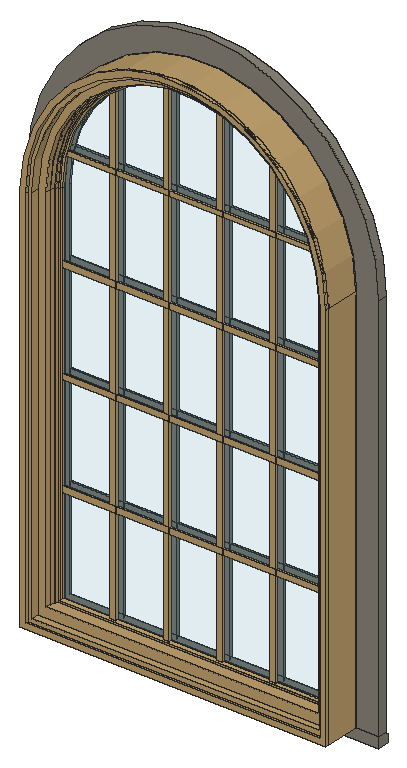
Revit family
Parameters (values of type "CUCART4072")
  Window Type = "Clad Ultimate Casement Round Top RT2"
  URL = "www.marvin.com"
  Subsill Height_2 = if(Subsill A217, 0' 1 11/32", 0' 0 9/16")  # 0' - 1 11/32"
  Subsill Height = if(Subsill A217 Visibility, 0' 1 11/32", if(Subsill A246 Visibility, 0' 0 9/16", 0' 0"))  # 0' - 1 11/32"
  Subsill A246 Visibility = and(Subsill Visibility, Subsill A246)  # no
  Subsill A217 Visibility = and(Subsill Visibility, Subsill A217)  # yes
  Plan Swing Angle [instance] = 15.00°
  Muntins Interior Visibility = yes
  Muntins Interior Material = Wood-Marvin-Pine
  Muntins Exterior Visibility = yes
  Muntins Exterior Material = Aluminum-Marvin-Bronze
  Mask Offset [instance] = if(Inset to Installation Flange = 0' 1 3/32", 0' 1 3/32", 0' 0")  # 0' - 0"
  Lites Wide = 5
  Lites High = 5
  Label Egress = if(and(Width > 2' 3 1/8", Height > 4' 11"), "EGRESS WDW", "")  # "EGRESS WDW"
  Interior Material = Wood-Marvin-Pine
  Frame = "Aluminum Clad"
  Flat Casing Visibility = and(Casing Visibility, Flat Casing)  # yes
  Egress Window = "No"
  Design Pressure = "DP50"
  Daylight Area = (3.1416 * DLO Radius ^ 2) / 2 + ((DLO Height - DLO Radius) * DLO Width)  # 14.6351 SF
  Cladding Material = Aluminum-Marvin-Bronze
  Casing Width_2 = if(BMC, 0' 1 5/16", 0' 3")  # 0' - 3"
  Casing Visibility = yes
  Subsill Visibility = yes
  BMC Visibility = and(Casing Visibility, BMC)  # no
  BMC = no
  Flat Casing = not(BMC)  # yes
  Subsill A246 = no
  Subsill A217 = not(Subsill A246)  # yes
  Plan Swing RH Visibility [instance] = yes
  Plan Swing LH Visibility [instance] = no
  Glazing Material = Glass-Marvin-IG Low E II with Argon
  Springline = Height - Radius  # 4' - 3 1/8"
  Radius = Width / 2  # 1' - 8"
  Nominal Width = 3' - 4"
  Nominal Height = 6' - 0"
  Model = "CUCART4072"
  Mask [instance] = Inset to Installation Flange > 0' 1 3/32"  # no
  Manufacturer = "Marvin Windows and Doors"
  Label Visibility = no
  Glass Type = "IG Low E II with Argon"
  Family created by = "www.rbuiltcomponents.com"
  Rough Width = Width + 0' 1"  # 3' - 5"
  Rough Height = Height + 0' 0 1/2"  # 5' - 11 5/8"
  Jamb Extension Visibility = yes
  Inset to Installation Flange [instance] = 0' - 1"
  Height = Nominal Height - 0' 0 7/8"  # 5' - 11 1/8"
  Elev Swing RH Visibility [instance] = yes
  Elev Swing LH Visibility [instance] = no
  Description = "4072 CSMT RT2"
  Default Head Height = 8' - 0"
  Wall Closure = (empty or 0)
  Width = Nominal Width  # 3' - 4"
  DLO Radius = Radius - 0' 2 29/32"  # 1' - 5 3/32"
  DLO Width = Width - 0' 5 13/16"  # 2' - 10 3/16"
  DLO Height = Height - 0' 5 13/16"  # 5' - 5 5/16"
  Casing Width = if(BMC Visibility, 0' 1 5/16", if(Flat Casing Visibility, 0' 3", 0' 0"))  # 0' - 3"
  Casing Radius = Radius + Casing Width  # 1' - 11"
  Assembly Code = ""
Reference planes (in)
  plane 1 "Center (Front/Back)": y = 0
  plane 2: z = 0
  plane 3 "Center (Left/Right)": x = -3
  plane 4 "Left": x = -23
  plane 5 "Right": x = 17
  plane 6 "Sill": z = 24.875
  plane 7 "Top": z = 96
  plane 8 "Inset": y = 2
  plane 9 "Glazing": y = 1.53125
  plane 10 "Jamb Ext Face": y = -2.5625
  plane 11: z = 76
  plane 12: z = 60.4375
  plane 13: y = -2.59375
Forms (in)
  Sweep 1, solid, material "Wood-Marvin-Pine" <- "Interior Material"
    path origin (0, 2, 0) x (1, 0, 0) y (0, 0, 1)
      loop
        line (-23, 76) -> (-23, 24.875) -> (17, 24.875) -> (17, 76)
        arc (17, 76) -> (-3, 96) -> (-23, 76) r 20
    profile "Profile_Ext_Clad_Frame : Profile_Ext_Clad_Frame" origin (-23, 2, 50.4375) x (1, 0, 0) y (0, -1, 0)
      loop
        line (0, 4.56199) -> (0, 0.0625) -> (0.0625, 0.0625) -> (0.0625, 0) -> (0, 0) -> (0, -1.09401) -> (0.52105, -1.09401) -> (0.6063, 0.125) -> (2.696, 0.125) -> (2.696, 0.22017) -> (2.90625, 0.43042) -> (2.90625, 0.47297) -> (2.208, 0.47297) -> (2.208, 1.50299) -> (2.90625, 1.50299) -> (2.90625, 1.66374) -> (2.677, 1.89299) -> (2.677, 2) -> (2.5005, 2) -> (2.5005, 2.34399) -> (2.313, 2.34399) -> (2.313, 2.87449) -> (2.1255, 2.87449) -> (2.1255, 3.53074) -> (1.188, 3.53074) -> (1.188, 4.56199) -> (0, 4.56199)
  Extrusion 2, solid, material "Glass-Marvin-IG Low E II with Argon" <- "Glazing Material"
    sketch origin (0, 1.53125, 0) x (1, 0, 0) y (0, 0, 1)
      loop
        line (14.792, 27.083) -> (14.792, 76)
        arc (14.792, 76) -> (-3, 93.792) -> (-20.792, 76) r 17.792
        line (-20.792, 76) -> (-20.792, 27.083) -> (14.792, 27.083)
    from 0 to 1.03424
  Extrusion 3, void
    sketch origin (0, 0, 0) x (1, 0, 0) y (0, 0, 1)
      loop
        line (17, 24.875) -> (17, 76)
        arc (17, 76) -> (-3, 96) -> (-23, 76) r 20
        line (-23, 76) -> (-23, 24.875) -> (17, 24.875)
    from -2 to 3
  Extrusion 4, void
    sketch origin (0, 0, 0) x (1, 0, 0) y (0, 0, 1)
      loop
        line (20, 23.53125) -> (20, 76)
        arc (20, 76) -> (-3, 99) -> (-26, 76) r 23
        line (-26, 76) -> (-26, 23.53125) -> (20, 23.53125)
    from -2 to -3.12756
  Sweep 5, solid, material "Aluminum-Marvin-Bronze" <- "Cladding Material", visible <- "BMC Visibility"
    path origin (0, 2, 0) x (1, 0, 0) y (0, 0, 1)
      loop
        line (17, 24.875) -> (17, 76)
        arc (17, 76) -> (-3, 96) -> (-23, 76) r 20
        line (-23, 76) -> (-23, 24.875)
    profile "BMC_Clad : BMC_Clad" origin (-23, 2, 50.4375) x (1, 0, 0) y (0, -1, 0)
      loop
        line (-0.71589, -1.25) -> (-0.38081, -1.09375) -> (0, -1.09375) -> (0, 0) -> (-1.3125, 0) -> (-1.3125, -1.25) -> (-0.71589, -1.25)
  Sweep 6, solid, material "Aluminum-Marvin-Bronze" <- "Cladding Material", visible <- "Flat Casing Visibility"
    path origin (0, 2, 0) x (1, 0, 0) y (0, 0, 1)
      loop
        line (-23, 24.875) -> (-23, 76)
        arc (-23, 76) -> (-3, 96) -> (17, 76) r 20
        line (17, 76) -> (17, 24.875)
    profile "Flat_Casing_Clad : Flat_Casing_Clad" origin (17, 2, 50.4375) x (1, 0, 0) y (0, -1, 0)
      loop
        line (3, -1.09375) -> (3, 0) -> (0, 0) -> (0, -1.09375) -> (3, -1.09375)
  Sweep 7, solid, material "Aluminum-Marvin-Bronze" <- "Cladding Material", visible <- "Subsill Visibility"
    path origin (0, 2, 0) x (1, 0, 0) y (0, 0, 1)
      loop
        line (20, 24.875) -> (-26, 24.875)
    profile origin (-3, 2, 24.875) x (0, 0, -1) y (0, -1, 0)
      loop
        line (0, 0) -> (0, -1.09401) -> (0.15265, -1.09401) -> (0.1875, -1.34375) -> (1.34375, -1.34375) -> (1.34375, 0) -> (0, 0)
  Extrusion 8, solid, material "Wood-Marvin-Pine" <- "Interior Material", visible <- "Jamb Extension Visibility"
    sketch origin (0, -2.5625, 0) x (1, 0, 0) y (0, 0, 1)
      loop
        line (-23, 24.875) -> (17, 24.875) -> (17, 76)
        arc (17, 76) -> (-3, 96) -> (-23, 76) r 20
        line (-23, 76) -> (-23, 24.875)
      loop
        line (-22.3125, 76) -> (-22.3125, 25.5625) -> (16.3125, 25.5625) -> (16.3125, 76)
        arc (16.3125, 76) -> (-3, 95.3125) -> (-22.3125, 76) r 19.3125
    from 0.4375 to 0.03125
  Sweep 9, solid, material "Wood-Marvin-Pine" <- "Interior Material"
    path in 3D
      loop
        line (-20.8745, -1.53074, 27.0005) -> (14.8745, -1.53074, 27.0005)
    profile "Profile_Sill_Close : Profile_Sill_Close" origin (-3, -1.53074, 27.0005) x (0, 1, 0) y (0, 0, 1)
      loop
        line (0, 0) -> (0.65625, 0) -> (0.65625, 0.1875) -> (1.18675, 0.1875) -> (1.18675, 0.375) -> (0, 0.375) -> (0, 0)
Cuts and joins
  joined: Sweep 1, Sweep 9
Lines and regions (in)
  Masking region 1
    outline origin (0, 0, 24.875) x (0, -1, 0) y (1, 0, 0)
      loop
        line (-3.09401, -23) -> (2.5625, -23) -> (2.5625, 17) -> (-3.09401, 17) -> (-3.09401, -23)
  Masking region 2
    outline origin (-3, 0, 0) x (0, 1, 0) y (0, 0, 1)
      loop
        line (3.09375, 96) -> (-2.5625, 96) -> (-2.5625, 24.875) -> (3.09375, 24.875) -> (3.09375, 96)
  Masking region 3, visible <- "Mask"
    outline origin (0, 0, 24.875) x (0, -1, 0) y (1, 0, 0)
      loop
        line (-3.09401, -26) -> (-3, -26) -> (-3, 20) -> (-3.09401, 20) -> (-3.09401, -26)
  Masking region 4, visible <- "Mask"
    outline origin (-3, 0, 0) x (0, 1, 0) y (0, 0, 1)
      loop
        line (3.09375, 99) -> (3, 99) -> (3, 23.53125) -> (3.09375, 23.53125) -> (3.09375, 99)
  Masking region 5, visible <- "Casing Visibility"
    outline origin (0, 0, 24.875) x (0, -1, 0) y (1, 0, 0)
      loop
        line (-3.09401, -26) -> (-2, -26) -> (-2, -23) -> (-3.09401, -23) -> (-3.09401, -26)
      loop
        line (-3.09401, 17) -> (-2, 17) -> (-2, 20) -> (-3.09401, 20) -> (-3.09401, 17)
  Masking region 6, visible <- "Subsill Visibility"
    outline origin (-3, 0, 0) x (0, 1, 0) y (0, 0, 1)
      loop
        line (3.34375, 23.53125) -> (3.34375, 24.6875) -> (3.09401, 24.72235) -> (3.09401, 24.875) -> (2, 24.875) -> (2, 23.53125) -> (3.34375, 23.53125)
  Masking region 7, visible <- "Casing Visibility"
    outline origin (-3, 0, 0) x (0, 1, 0) y (0, 0, 1)
      loop
        line (3.09375, 99) -> (2, 99) -> (2, 96) -> (3.09375, 96) -> (3.09375, 99)
  Masking region 8
    outline origin (0, 0, 24.875) x (0, -1, 0) y (1, 0, 0)
      loop
        line (2.59375, -23) -> (3, -23) -> (3, 17) -> (2.59375, 17) -> (2.59375, -23)
  Masking region 9
    outline origin (-3, 0, 0) x (0, 1, 0) y (0, 0, 1)
      loop
        line (-2.59375, 96) -> (-3, 96) -> (-3, 24.875) -> (-2.59375, 24.875) -> (-2.59375, 96)
  symbolic lines, style "Jamb Extension", visible <- "Jamb Extension Visibility", detail levels fine
    curve 1: line (-3, -3, 95.3125) -> (-3, -2.59375, 95.3125)
    curve 2: line (-3, -3, 25.5625) -> (-3, -2.59375, 25.5625)
    curve 50: line (-22.3125, -2.59375, 24.875) -> (-22.3125, -3, 24.875)
    curve 51: line (16.3125, -3, 24.875) -> (16.3125, -2.59375, 24.875)
    curve 52: line (17, -3, 24.875) -> (16.3125, -3, 24.875)
    curve 53: line (-22.3125, -3, 24.875) -> (-23, -3, 24.875)
  symbolic lines, style "WindowsFrameMullionProjection", detail levels coarse+medium
    curve 3: line (17, -2.5625, 24.875) -> (15.812, -2.5625, 24.875)
    curve 4: line (15.812, -2.5625, 24.875) -> (15.812, 3.09401, 24.875)
    curve 5: line (15.812, 3.09401, 24.875) -> (17, 3.09401, 24.875)
    curve 6: line (15.812, 1.875, 24.875) -> (14.09375, 1.875, 24.875)
    curve 7: line (14.09375, 1.875, 24.875) -> (14.09375, 0, 24.875)
    curve 8: line (-21.812, 0, 24.875) -> (-20.09375, 0, 24.875)
    curve 9: line (-23, -2.5625, 24.875) -> (-21.812, -2.5625, 24.875)
    curve 10: line (-21.812, -2.5625, 24.875) -> (-21.812, 3.09401, 24.875)
    curve 11: line (-21.812, 3.09401, 24.875) -> (-23, 3.09401, 24.875)
    curve 12: line (-20.09375, 1.875, 24.875) -> (-20.09375, 0, 24.875)
    curve 13: line (-3, 3.09401, 96) -> (-3, 3.09401, 94.812)
    curve 14: line (-3, 3.09401, 94.812) -> (-3, -2.5625, 94.812)
    curve 15: line (-3, -2.5625, 94.812) -> (-3, -2.5625, 96)
    curve 16: line (-3, 1.875, 94.812) -> (-3, 1.875, 93.09375)
    curve 17: line (-3, 1.875, 93.09375) -> (-3, 0, 93.09375)
    curve 18: line (-3, 0, 26.063) -> (-3, 0, 27.78125)
    curve 19: line (-3, 3.09401, 24.875) -> (-3, 3.09401, 26.063)
    curve 20: line (-3, 3.09401, 26.063) -> (-3, -2.5625, 26.063)
    curve 21: line (-3, -2.5625, 26.063) -> (-3, -2.5625, 24.875)
    curve 22: line (-3, 1.875, 27.78125) -> (-3, 0, 27.78125)
    curve 23: line (14.09375, 1.875, 24.875) -> (-20.09375, 1.875, 24.875)
    curve 24: line (14.09375, 0, 24.875) -> (15.812, 0, 24.875)
    curve 25: line (-20.09375, 1.875, 24.875) -> (-21.812, 1.875, 24.875)
    curve 26: line (-3, 0, 27.78125) -> (-3, 0, 93.09375)
    curve 27: line (-3, 1.875, 27.78125) -> (-3, 1.875, 26.063)
    curve 28: line (-3, 0, 93.09375) -> (-3, 0, 94.812)
    curve 29: line (-3, 1.875, 93.09375) -> (-3, 1.875, 27.78125)
    curve 39: line (-20.09375, 0, 24.875) -> (14.09375, 0, 24.875)
    curve 74: line (-3, -3, 96) -> (-3, 3.09375, 96)
    curve 85: line (-23, 3.09375, 24.875) -> (-23, -3, 24.875)
    curve 86: line (17, -3, 24.875) -> (17, 3.09375, 24.875)
  symbolic lines, style "Jamb Extension", visible <- "Jamb Extension Visibility"
    curve 30: line (-3, -3, 25.5625) -> (-3, -3, 24.875)
    curve 31: line (-3, -3, 95.3125) -> (-3, -3, 96)
  symbolic lines, style "WindowsFrameMullionProjection", visible <- "Jamb Extension Visibility", detail levels coarse+medium
    curve 32: line (-3, -2.59375, 95.3125) -> (-3, -3, 95.3125)
    curve 33: line (-3, -3, 95.3125) -> (-3, -3, 96)
    curve 34: line (-3, -2.59375, 25.5625) -> (-3, -3, 25.5625)
    curve 35: line (-3, -3, 25.5625) -> (-3, -3, 24.875)
    curve 54: line (-22.3125, -2.59375, 24.875) -> (-22.3125, -3, 24.875)
    curve 55: line (-23, -3, 24.875) -> (-22.3125, -3, 24.875)
    curve 56: line (16.3125, -3, 24.875) -> (16.3125, -2.59375, 24.875)
    curve 57: line (16.3125, -3, 24.875) -> (17, -3, 24.875)
  symbolic lines, style "Elevation Swing", visible <- "Elev Swing LH Visibility"
    curve 36: line (16.3937, 0, 60.4375) -> (-22.3937, 0, 25.50077)
    curve 92: line (16.3937, 0, 60.4375) -> (-17.14214, 0, 90.14214)
  symbolic lines, style "Elevation Swing", visible <- "Elev Swing RH Visibility"
    curve 37: line (-22.3937, 0, 60.4375) -> (16.3937, 0, 25.50077)
    curve 93: line (-22.3937, 0, 60.4375) -> (11.14214, 0, 90.14214)
  symbolic lines, style "WindowsGlassProjection", detail levels coarse+medium
    curve 38: line (-20.09375, 0.9375, 24.875) -> (14.09375, 0.9375, 24.875)
    curve 70: line (-3, 0.9375, 27.78125) -> (-3, 0.9375, 93.09375)
  symbolic lines, style "Jamb Extension", visible <- "BMC Visibility", detail levels fine
    curve 40: line (-24.3125, 3.25, 24.875) -> (-23.71589, 3.25, 24.875)
    curve 41: line (-23.71589, 3.25, 24.875) -> (-23.38081, 3.09375, 24.875)
    curve 42: line (-24.3125, 3.09401, 24.875) -> (-24.3125, 3.25, 24.875)
    curve 43: line (17.71589, 3.25, 24.875) -> (18.3125, 3.25, 24.875)
    curve 44: line (17.38081, 3.09375, 24.875) -> (17.71589, 3.25, 24.875)
    curve 45: line (18.3125, 3.25, 24.875) -> (18.3125, 3.09401, 24.875)
    curve 46: line (-23.38081, 3.09375, 24.875) -> (-23, 3.09375, 24.875)
    curve 47: line (17.38081, 3.09375, 24.875) -> (17, 3.09375, 24.875)
    curve 76: line (-3, 3.25, 96.65144) -> (-3, 3.25, 99)
    curve 77: line (-3, 3.09375, 96) -> (-3, 3.09375, 96.38081)
    curve 78: line (-3, 3.09375, 96.38081) -> (-3, 3.25, 96.65144)
    curve 79: line (-3, 3.25, 99) -> (-3, 3.09375, 99)
  symbolic lines, style "Jamb Extension", visible <- "Flat Casing Visibility", detail levels fine
    curve 48: line (-23, 3.09401, 24.875) -> (-26, 3.09401, 24.875)
    curve 49: line (20, 3.09401, 24.875) -> (17, 3.09401, 24.875)
    curve 83: line (-3, 3.09375, 96) -> (-3, 3.09375, 99)
    curve 84: line (-3, 3.09375, 99) -> (-3, 2, 99)
  symbolic lines, style "WindowsFrameMullionProjection", visible <- "BMC Visibility", detail levels coarse+medium
    curve 58: line (-24.3125, 2, 24.875) -> (-24.3125, 3.25, 24.875)
    curve 59: line (-24.3125, 3.25, 24.875) -> (-23.71589, 3.25, 24.875)
    curve 60: line (-23.71589, 3.25, 24.875) -> (-23.38081, 3.09375, 24.875)
    curve 61: line (-23.38081, 3.09375, 24.875) -> (-23, 3.09375, 24.875)
    curve 62: line (18.3125, 3.25, 24.875) -> (18.3125, 2, 24.875)
    curve 63: line (17.38081, 3.09375, 24.875) -> (17.71589, 3.25, 24.875)
    curve 64: line (17.71589, 3.25, 24.875) -> (18.3125, 3.25, 24.875)
    curve 65: line (17, 3.09375, 24.875) -> (17.38081, 3.09375, 24.875)
    curve 71: line (-3, 3.25, 96.65144) -> (-3, 3.25, 99)
    curve 72: line (-3, 3.09375, 96) -> (-3, 3.09375, 96.38081)
    curve 73: line (-3, 3.09375, 96.38081) -> (-3, 3.25, 96.65144)
    curve 75: line (-3, 3.25, 99) -> (-3, 2, 99)
  symbolic lines, style "WindowsFrameMullionProjection", visible <- "Flat Casing Visibility", detail levels coarse+medium
    curve 66: line (20, 3.09401, 24.875) -> (17, 3.09401, 24.875)
    curve 67: line (20, 3.09401, 24.875) -> (20, 2, 24.875)
    curve 68: line (-26, 2, 24.875) -> (-26, 3.09401, 24.875)
    curve 69: line (-23, 3.09401, 24.875) -> (-26, 3.09401, 24.875)
    curve 81: line (-3, 3.09375, 96) -> (-3, 3.09375, 99)
    curve 82: line (-3, 3.09375, 99) -> (-3, 2, 99)
  symbolic lines, style "WindowsFrameMullionProjection", visible <- "Casing Visibility", detail levels coarse+medium
    curve 80: line (-3, 2, 99) -> (-3, 2, 96)
  symbolic lines, style "WindowsFrameMullionProjection", visible <- "Subsill Visibility", detail levels coarse+medium
    curve 87: line (-3, 3.09401, 24.72235) -> (-3, 3.09401, 24.875)
    curve 88: line (-3, 3.34375, 24.6875) -> (-3, 3.09401, 24.72235)
    curve 89: line (-3, 3.34375, 23.53125) -> (-3, 3.34375, 24.6875)
    curve 90: line (-3, 2, 23.53125) -> (-3, 3.34375, 23.53125)
  sketch lines
    curve 91: line (-20.8745, -1.53074, 27.0005) -> (14.8745, -1.53074, 27.0005)
  reference lines
    curve 94: line (17, 2, 76) -> (-3, 2, 96)
    curve 95: line (-23, 2, 76) -> (-3, 2, 96)
    curve 96: arc (17, 2, 76) -> (11.14214, 2, 90.14214) -> (-3, 2, 96) r 20
    curve 97: arc (-23, 2, 76) -> (-17.14214, 2, 90.14214) -> (-3, 2, 96) r 20
    curve 98: line (7, 2, 86) -> (11.14214, 2, 90.14214)
    curve 99: line (-13, 2, 86) -> (-17.14214, 2, 90.14214)
    curve 100: line (-3, 2, 76) -> (7, 2, 86)
    curve 101: line (-3, 2, 76) -> (-13, 2, 86)
Text (in)
  text "EXTERIOR" at (-58.6888, 50.90694, 0), in view "Ref. Level"
  text "INTERIOR" at (-58.6888, -37.76638, 0), in view "Ref. Level"
  text "Exterior" at (0, 43.65631, 123.19604), in view "Left"
  text "Exterior" at (0, 18.29385, 125.04747), in view "Right"
Dimensions and locks (in)
  equal spacing: plane 4 "Left", plane 3 "Center (Left/Right)", plane 5 "Right"
  "Width": plane 4 "Left" to plane 5 "Right"
  "Height": plane 6 "Sill" to plane 7 "Top"
  "Inset to Installation Flange": host wall to plane 8 "Inset"
  locked: plane 9 "Glazing" to plane 8 "Inset" at 0.46875
  locked: plane 10 "Jamb Ext Face" to plane 8 "Inset" at 4.5625
  "Default Head Height": plane 2 to plane 7 "Top"
  locked: nested 2 to host wall at 12.00106
  locked: plane 9 "Glazing" to Extrusion 2 at 1.03424
  "Springline": plane 6 "Sill" to plane 11
  locked: curve 32 to plane 7 "Top" at 0.6875
  locked: plane 6 "Sill" to curve 34 at 0.6875
  equal spacing: plane 6 "Sill", plane 12, plane 7 "Top"
  "Subsill Height": Extrusion 4 sketch curve to plane 6 "Sill"
  "Casing Width": Extrusion 4 sketch curve to plane 4 "Left"
  "Casing Width": plane 5 "Right" to Extrusion 4 sketch curve
  "Casing Width": plane 5 "Right" to Sweep 7 sketch curve
  "Casing Width": Sweep 7 sketch curve to plane 4 "Left"
  locked: Sweep 7 sketch curve to Sweep 7 sketch curve at 1.34375
  "Subsill Height_2": Sweep 7 sketch curve to plane 6 "Sill"
  locked: plane 4 "Left" to Extrusion 8 sketch curve at 0.6875
  locked: Extrusion 8 sketch curve to plane 5 "Right" at 0.6875
  locked: Extrusion 8 sketch curve to plane 6 "Sill" at 0.6875
  "Casing Width": Masking region 3 sketch curve to plane 4 "Left"
  "Casing Width": plane 5 "Right" to Masking region 3 sketch curve
  "Casing Width_2": Masking region 5 sketch curve to plane 4 "Left"
  "Casing Width_2": plane 5 "Right" to Masking region 5 sketch curve
  locked: Extrusion 4 to host wall at 0.12756
  "Subsill Height": Masking region 4 sketch curve to plane 6 "Sill"
  "Casing Width": plane 7 "Top" to Masking region 4 sketch curve
  "Casing Width_2": plane 7 "Top" to Masking region 7 sketch curve
  locked: nested 5 to plane 9 "Glazing" at 1.03125
  curve 98 to curve 93 = 0' - 0"
  curve 99 to curve 92 = 0' - 0"
  locked: plane 13 to plane 10 "Jamb Ext Face" at 0.03125
  "Mask Offset": Masking region 3 sketch curve to host wall
  "Mask Offset": Masking region 4 sketch curve to host wall
  "Casing Radius": radius of Extrusion 4 sketch curve
  "Radius": radius of Extrusion 3 sketch curve
  "Radius": radius of Sweep 1 sketch curve
  "Radius": radius of Sweep 5 sketch curve
  "Radius": radius of Sweep 6 sketch curve
  "Radius": radius of Extrusion 8 sketch curve
  aligned and locked: nested 1 to plane 3 "Center (Left/Right)"
  aligned and locked: plane 8 "Inset" to nested 1
  aligned and locked: Sweep 1 sketch curve to plane 6 "Sill"
  aligned and locked: plane 5 "Right" to Sweep 1 sketch curve
  aligned and locked: plane 5 "Right" to Masking region 1 sketch curve
  aligned and locked: Masking region 1 sketch curve to plane 4 "Left"
  aligned and locked: plane 7 "Top" to Masking region 2 sketch curve
  aligned and locked: Masking region 2 sketch curve to plane 6 "Sill"
  aligned and locked: plane 3 "Center (Left/Right)" to nested 2
  aligned and locked: curve 21 to plane 10 "Jamb Ext Face"
  aligned and locked: plane 6 "Sill" to curve 30
  aligned and locked: curve 30 to host wall
  aligned and locked: host wall to curve 33
  aligned and locked: plane 6 "Sill" to curve 35
  aligned and locked: Extrusion 2 to plane 9 "Glazing"
  aligned and locked: plane 9 "Glazing" to Extrusion 2
  aligned and locked: nested 3 to plane 6 "Sill"
  aligned and locked: curve 14 to nested 3
  aligned and locked: curve 13 to nested 3
  aligned and locked: curve 16 to nested 3
  aligned and locked: curve 28 to nested 3
  aligned and locked: curve 17 to nested 3
  aligned and locked: curve 19 to nested 3
  aligned and locked: curve 20 to nested 3
  aligned and locked: curve 22 to nested 3
  aligned and locked: curve 27 to nested 3
  aligned and locked: nested 3 to curve 18
  aligned and locked: Sweep 1 to Extrusion 2 sketch curve
  aligned and locked: Extrusion 2 sketch curve to Sweep 1  (x2)
  aligned and locked: Extrusion 3 to plane 8 "Inset"
  aligned and locked: host wall to Extrusion 3
  aligned and locked: plane 5 "Right" to Extrusion 3 sketch curve
  aligned and locked: Extrusion 3 sketch curve to plane 6 "Sill"
  aligned and locked: Extrusion 3 sketch curve to plane 4 "Left"
  aligned and locked: plane 5 "Right" to Sweep 5 sketch curve
  aligned and locked: Sweep 5 sketch curve to plane 4 "Left"
  aligned and locked: plane 6 "Sill" to Sweep 5 sketch curve  (x2)
  aligned and locked: plane 11 to Sweep 5 sketch curve  (x2)
  aligned and locked: plane 11 to Sweep 6 sketch curve  (x2)
  aligned and locked: plane 6 "Sill" to Sweep 6 sketch curve  (x2)
  aligned and locked: Sweep 6 sketch curve to plane 4 "Left"
  aligned and locked: plane 6 "Sill" to Sweep 7 sketch curve  (x2)
  aligned and locked: Sweep 7 sketch curve to plane 8 "Inset"
  aligned and locked: Extrusion 8 sketch curve to plane 4 "Left"
  aligned and locked: Extrusion 8 sketch curve to plane 6 "Sill"
  aligned and locked: plane 5 "Right" to Extrusion 8 sketch curve
  aligned and locked: plane 11 to Extrusion 8 sketch curve  (x2)
  aligned and locked: host wall to Extrusion 8
  aligned and locked: Masking region 3 sketch curve to Sweep 1
  aligned and locked: Masking region 1 sketch curve to Sweep 1
  aligned and locked: plane 4 "Left" to Masking region 5 sketch curve
  aligned and locked: Masking region 5 sketch curve to Sweep 1  (x2)
  aligned and locked: Masking region 5 sketch curve to plane 8 "Inset"  (x2)
  aligned and locked: Masking region 5 sketch curve to plane 5 "Right"
  aligned and locked: curve 7 to curve 38
  aligned and locked: curve 12 to curve 39
  aligned and locked: curve 8 to curve 39
  aligned and locked: curve 40 to Sweep 5
  aligned and locked: curve 41 to Sweep 5
  aligned and locked: Sweep 5 to curve 42
  aligned and locked: Sweep 1 to curve 42
  aligned and locked: curve 44 to Sweep 5
  aligned and locked: curve 45 to Sweep 1
  aligned and locked: curve 47 to Sweep 5
  aligned and locked: plane 5 "Right" to curve 47
  aligned and locked: curve 48 to Masking region 5
  aligned and locked: plane 8 "Inset" to Extrusion 4
  aligned and locked: curve 50 to Extrusion 8
  aligned and locked: curve 52 to Extrusion 8
  aligned and locked: Extrusion 8 to curve 54  (x2)
  aligned and locked: curve 56 to Extrusion 8
  aligned and locked: curve 58 to Sweep 5
  aligned and locked: curve 61 to Sweep 5
  aligned and locked: curve 62 to Sweep 5
  aligned and locked: curve 66 to Masking region 5
  aligned and locked: curve 67 to Sweep 6
  aligned and locked: curve 68 to Sweep 6
  aligned and locked: Masking region 2 sketch curve to Sweep 6
  aligned and locked: nested 3 to plane 8 "Inset"
  aligned and locked: Masking region 4 sketch curve to Sweep 6
  aligned and locked: Masking region 6 sketch curve to Sweep 7  (x6)
  aligned and locked: Masking region 7 sketch curve to plane 7 "Top"
  aligned and locked: Masking region 7 sketch curve to plane 8 "Inset"
  aligned and locked: Masking region 7 sketch curve to Sweep 6
  aligned and locked: Sweep 5 to curve 72
  aligned and locked: curve 74 to nested 3
  aligned and locked: curve 75 to Masking region 7
  aligned and locked: Sweep 5 to curve 76
  aligned and locked: curve 80 to Sweep 5
  aligned and locked: curve 84 to Masking region 7
  aligned and locked: curve 85 to Sweep 6
  aligned and locked: curve 86 to Sweep 6
  aligned and locked: plane 12 to nested 4
  aligned and locked: nested 5 to plane 12
  aligned and locked: nested 4 to plane 3 "Center (Left/Right)"
  aligned and locked: plane 3 "Center (Left/Right)" to nested 5
  aligned and locked: plane 9 "Glazing" to nested 4
  aligned and locked: curve 87 to Sweep 7
  aligned and locked: curve 88 to Sweep 7
  aligned and locked: curve 89 to Sweep 7
  aligned and locked: curve 90 to Sweep 7
  aligned and locked: curve 8 to cut or joined group of Sweep 1, Sweep 9
  aligned and locked: cut or joined group of Sweep 1, Sweep 9 to curve 24
  aligned and locked: cut or joined group of Sweep 1, Sweep 9 to curve 36
  aligned and locked: cut or joined group of Sweep 1, Sweep 9 to curve 37
  aligned and locked: plane 12 to curve 36
  aligned and locked: cut or joined group of Sweep 1, Sweep 9 to curve 93
  aligned and locked: plane 12 to curve 93
  aligned and locked: cut or joined group of Sweep 1, Sweep 9 to curve 92
  aligned and locked: plane 5 "Right" to curve 94
  aligned and locked: plane 7 "Top" to curve 94
  aligned and locked: plane 11 to curve 95
  aligned and locked: plane 4 "Left" to curve 95
  aligned and locked: curve 93 to curve 98
  aligned and locked: curve 92 to curve 99
  aligned and locked: plane 3 "Center (Left/Right)" to curve 97
  aligned and locked: plane 11 to curve 96
  aligned and locked: nested 4 to curve 100
  aligned and locked: curve 100 to curve 98
  aligned and locked: curve 101 to curve 99
  aligned and locked: Extrusion 8 to curve 50
  aligned and locked: Extrusion 8 to curve 56
  aligned and locked: Extrusion 8 to curve 51
  aligned and locked: Masking region 1 sketch curve to plane 10 "Jamb Ext Face"
  aligned and locked: host wall to curve 55
  aligned and locked: plane 4 "Left" to curve 9
  aligned and locked: Masking region 8 sketch curve to plane 4 "Left"
  aligned and locked: plane 5 "Right" to Masking region 8 sketch curve
  aligned and locked: plane 13 to Masking region 8 sketch curve
  aligned and locked: Masking region 8 sketch curve to host wall
  aligned and locked: Extrusion 8 to curve 32
  aligned and locked: Extrusion 8 to curve 1
  aligned and locked: Extrusion 8 to curve 34
  aligned and locked: Extrusion 8 to curve 2
  aligned and locked: Extrusion 8 to plane 13
  aligned and locked: Masking region 2 sketch curve to plane 10 "Jamb Ext Face"
  aligned and locked: plane 7 "Top" to Masking region 9 sketch curve
  aligned and locked: Masking region 9 sketch curve to plane 6 "Sill"
  aligned and locked: plane 13 to Masking region 9 sketch curve
  aligned and locked: Masking region 9 sketch curve to host wall
Automatic sketch dimensions
  Extrusion 3 sketch curve to plane 11 = 0' - 0"
  Extrusion 4 sketch curve to plane 11 = 0' - 0"
  Sweep 1 sketch curve to plane 11 = 0' - 0"
  Sweep 7 sketch curve to Sweep 7 sketch curve = 0' - 0.15265"
  Sweep 7 sketch curve to Sweep 7 sketch curve = 0' - 0.03485"
  Sweep 7 sketch curve to Sweep 7 sketch curve = 0' - 0.24974"
  Extrusion 8 sketch curve to Extrusion 8 sketch curve = 0' - 0"
  curve 101 to plane 3 "Center (Left/Right)" = 0' - 0"
  curve 101 to plane 11 = 0' - 0"
  curve 37 to plane 6 "Sill" = 0' - 0.62577"
  curve 36 to plane 6 "Sill" = 0' - 0.62577"
  curve 62 to plane 8 "Inset" = 0' - 0"
  curve 68 to plane 8 "Inset" = 0' - 0"
  curve 58 to plane 8 "Inset" = 0' - 0"
  curve 67 to plane 8 "Inset" = 0' - 0"
  curve 11 to plane 4 "Left" = 0' - 0"
  curve 49 to plane 5 "Right" = 0' - 0"
  curve 62 to curve 45 = 0' - 0.15599"
  plane 8 "Inset" to curve 25 = 0' - 0 1/8"
  plane 9 "Glazing" to curve 38 = 0' - 0 19/32"
  curve 8 to plane 4 "Left" = 0' - 1.188"
  curve 25 to curve 12 = 0' - 1.71825"
  plane 5 "Right" to curve 39 = 0' - 2 29/32"
  curve 4 to curve 51 = 0' - 0.5005"
  curve 15 to plane 10 "Jamb Ext Face" = 0' - 0"
  curve 90 to plane 8 "Inset" = 0' - 0"
  curve 21 to plane 6 "Sill" = 0' - 0"
  curve 87 to plane 6 "Sill" = 0' - 0"
  curve 13 to plane 7 "Top" = 0' - 0"
  curve 80 to plane 7 "Top" = 0' - 0"
  plane 9 "Glazing" to curve 70 = 0' - 0 19/32"
  curve 72 to curve 73 = 0' - 0.38081"
  curve 72 to curve 71 = 0' - 0.27063"
  curve 3 to plane 10 "Jamb Ext Face" = 0' - 0"
  curve 9 to plane 10 "Jamb Ext Face" = 0' - 0"
Nested families (in)
  nested 1: "Roundtop_Plan_Detail" at (-3, 2, 24.875) x (-1, 0, 0) z (0, 0, -1), type "Roundtop_Plan_Detail"
    with Width 3' - 4", Plan Swing Length 3' - 1 5/8", Plan Swing LH no
  nested 2: "Label Annotation 1-16 w" at (-3, 15.00106, 0), visible <- "Label Visibility", type "Label Annotation 1-16 w"
  nested 3: "Roundtop_Section_Detail" at (-3, 2, 24.875) x (0, -1, 0) z (1, 0, 0), type "Roundtop_Section_Detail", detail levels fine
    with Height 5' - 11 1/8"
  nested 4: "Muntins" at (-3, 1.53125, -8.34375), Muntin Material <- "Muntins Exterior Material", visible <- "Muntins Exterior Visibility", type "Muntins"
    with Muntin Material Aluminum-Marvin-Bronze
  nested 5: "Muntins" at (-3, 0.5, -8.34375), Muntin Material <- "Muntins Interior Material", visible <- "Muntins Interior Visibility", type "Muntins"
    with Muntin Material Wood-Marvin-Pine
Definition of nested family "Muntins"
  Parameters (values of type "Muntins")
    Springline = 4' - 3 1/8"
    GlazingWidth = 2' - 10 3/16"
    GlazingHeight = 5' - 5 5/16"
    Width = GlazingWidth + 0' 0 11/16"  # 2' - 10 7/8"
    VerticalMuntins = if(LitesHorizontal < 3, 2, LitesHorizontal - 1)  # 4
    VertMuntVisible = LitesHorizontal > 2  # yes
    MuntinWidth = 0' - 0 3/4"
    MuntinDepth = 0' - 0 1/4"
    Muntin Material [instance] = none
    LitesVertical = 5
    LitesHorizontal = 5
    HorizontalMuntins = if(LitesVertical < 3, 2, LitesVertical - 1)  # 4
    HorizMuntVisible = LitesVertical > 2  # yes
    Height = GlazingHeight + 0' 0 11/16"  # 5' - 6"
    Inset Vert = if(LitesHorizontal < 3, (Width / 3) - (MuntinWidth / 2), (Width / LitesHorizontal) - (MuntinWidth / 2))  # 0' - 6.6"
    Inset Horiz = if(LitesVertical < 3, (Height / 3) - (MuntinWidth / 2), (Height / LitesVertical) - (MuntinWidth / 2))  # 1' - 0.825"
    CenterMuntinVertical = LitesHorizontal = 2  # no
    CenterMuntinHorizontal = LitesVertical = 2  # no
    Assembly Code = ""
  Reference planes (in)
    plane 1 "Center (Front/Back)": y = 0
    plane 2: z = 0
    plane 3 "Center (Left/Right)": x = 0
    plane 4: z = 35.78125
    plane 5: z = 68.78125
    plane 6: z = 101.78125
    plane 7: z = 88.95625
    plane 8: z = 48.60625
    plane 9: z = 101.4375
    plane 10: z = 36.125
    plane 11: x = -17.09375
    plane 12: x = 17.09375
    plane 13: x = -10.8375
    plane 14: x = -17.4375
    plane 15: x = 17.4375
    plane 16: x = 10.8375
    plane 17: z = 33.21875
    plane 18: z = 84.34375
  Forms (in)
    Extrusion 1, solid, material <- "Muntin Material", visible <- "CenterMuntinVertical", detail levels medium+fine
      sketch origin (9, 0, 0) x (1, 0, 0) y (0, 0, 1)
        loop
          line (-9.375, 101.78125) -> (-9.375, 35.78125) -> (-8.625, 35.78125) -> (-8.625, 101.78125) -> (-9.375, 101.78125)
      from 0 to 0.25 <- "MuntinDepth"
    Extrusion 2, solid, material <- "Muntin Material", visible <- "CenterMuntinHorizontal", detail levels medium+fine
      sketch origin (-0.0013, 0, 14.6875) x (1, 0, 0) y (0, 0, 1)
        loop
          line (-17.4362, 54.46875) -> (-17.4362, 53.71875) -> (17.4388, 53.71875) -> (17.4388, 54.46875) -> (-17.4362, 54.46875)
      from 0 to 0.25 <- "MuntinDepth"
    Extrusion 3, solid, material <- "Muntin Material", visible <- "VertMuntVisible", detail levels medium+fine
      sketch origin (-0.44762, 0, -2.90625) x (1, 0, 0) y (0, 0, 1)
        loop
          line (-10.38988, 104.6875) -> (-10.38988, 38.6875) -> (-9.63988, 38.6875) -> (-9.63988, 104.6875) -> (-10.38988, 104.6875)
      from 0 to 0.25 <- "MuntinDepth"
    Extrusion 4, solid, material <- "Muntin Material", visible <- "HorizMuntVisible", detail levels medium+fine
      sketch origin (2.1224, 0, 2.70893) x (1, 0, 0) y (0, 0, 1)
        loop
          line (-19.5599, 46.64732) -> (-19.5599, 45.89732) -> (15.3151, 45.89732) -> (15.3151, 46.64732) -> (-19.5599, 46.64732)
      from 0 to 0.25 <- "MuntinDepth"
    Extrusion 5, void
      sketch origin (0, 0, 0) x (1, 0, 0) y (0, 0, 1)
        loop
          line (-17.3125, 33.21875) -> (-17.3125, 84.34375)
          arc (-17.3125, 84.34375) -> (0, 101.65625) -> (17.3125, 84.34375) r 17.3125
          line (17.3125, 84.34375) -> (17.3125, 33.21875) -> (23.4375, 33.21875) -> (23.4375, 107.78125) -> (-23.4375, 107.78125) -> (-23.4375, 33.21875) -> (-17.3125, 33.21875)
      from -1 to 1
    Extrusion 6, solid, material <- "Muntin Material", visible <- "CenterMuntinVertical", detail levels coarse
      sketch origin (9, 0, 0) x (1, 0, 0) y (0, 0, 1)
        loop
          line (-9.03125, 101.78125) -> (-9.03125, 35.78125) -> (-8.96875, 35.78125) -> (-8.96875, 101.78125) -> (-9.03125, 101.78125)
      from 0 to 0.0625
    Extrusion 7, solid, material <- "Muntin Material", visible <- "VertMuntVisible", detail levels coarse
      sketch origin (-0.46324, 0, 0) x (1, 0, 0) y (0, 0, 1)
        loop
          line (-10.01488, 101.78125) -> (-10.01488, 35.78125) -> (-9.98363, 35.78125) -> (-9.98363, 101.78125) -> (-10.01488, 101.78125)
      from 0 to 0.0625
    Extrusion 8, solid, material <- "Muntin Material", visible <- "CenterMuntinHorizontal", detail levels coarse
      sketch origin (-0.0013, 0, 14.6875) x (1, 0, 0) y (0, 0, 1)
        loop
          line (-17.4362, 54.125) -> (-17.4362, 54.0625) -> (17.4388, 54.0625) -> (17.4388, 54.125) -> (-17.4362, 54.125)
      from 0 to 0.0625
    Extrusion 9, solid, material <- "Muntin Material", visible <- "HorizMuntVisible", detail levels coarse
      sketch origin (-3.8763, 0, 0.0683) x (1, 0, 0) y (0, 0, 1)
        loop
          line (-13.5612, 48.95982) -> (-13.5612, 48.89732) -> (21.3138, 48.89732) -> (21.3138, 48.95982) -> (-13.5612, 48.95982)
      from 0 to 0.0625
    Extrusion 10, solid, material <- "Muntin Material", visible <- "VertMuntVisible", detail levels medium+fine
      sketch origin (20.47738, 0, -2.90625) x (1, 0, 0) y (0, 0, 1)
        loop
          line (-10.38988, 104.6875) -> (-10.38988, 38.6875) -> (-9.63988, 38.6875) -> (-9.63988, 104.6875) -> (-10.38988, 104.6875)
      from 0 to 0.25 <- "MuntinDepth"
    Extrusion 11, solid, material <- "Muntin Material", visible <- "VertMuntVisible", detail levels coarse
      sketch origin (20.46176, 0, 0) x (1, 0, 0) y (0, 0, 1)
        loop
          line (-10.01488, 101.78125) -> (-10.01488, 35.78125) -> (-9.98363, 35.78125) -> (-9.98363, 101.78125) -> (-10.01488, 101.78125)
      from 0 to 0.0625
    Extrusion 12, solid, material <- "Muntin Material", visible <- "VertMuntVisible", detail levels medium+fine
      sketch origin (6.52738, 0, -2.90625) x (1, 0, 0) y (0, 0, 1)
        loop
          line (-10.38988, 104.6875) -> (-10.38988, 38.6875) -> (-9.63988, 38.6875) -> (-9.63988, 104.6875) -> (-10.38988, 104.6875)
      from 0 to 0.25 <- "MuntinDepth"
    Extrusion 13, solid, material <- "Muntin Material", visible <- "VertMuntVisible", detail levels coarse
      sketch origin (6.51176, 0, 0) x (1, 0, 0) y (0, 0, 1)
        loop
          line (-10.01488, 101.78125) -> (-10.01488, 35.78125) -> (-9.98363, 35.78125) -> (-9.98363, 101.78125) -> (-10.01488, 101.78125)
      from 0 to 0.0625
    Extrusion 14, solid, material <- "Muntin Material", visible <- "HorizMuntVisible", detail levels medium+fine
      sketch origin (2.1224, 0, 42.30893) x (1, 0, 0) y (0, 0, 1)
        loop
          line (-19.5599, 46.64732) -> (-19.5599, 45.89732) -> (15.3151, 45.89732) -> (15.3151, 46.64732) -> (-19.5599, 46.64732)
      from 0 to 0.25 <- "MuntinDepth"
    Extrusion 15, solid, material <- "Muntin Material", visible <- "HorizMuntVisible", detail levels coarse
      sketch origin (-3.8763, 0, 39.6683) x (1, 0, 0) y (0, 0, 1)
        loop
          line (-13.5612, 48.95982) -> (-13.5612, 48.89732) -> (21.3138, 48.89732) -> (21.3138, 48.95982) -> (-13.5612, 48.95982)
      from 0 to 0.0625
    Extrusion 16, solid, material <- "Muntin Material", visible <- "HorizMuntVisible", detail levels medium+fine
      sketch origin (2.1224, 0, 15.90893) x (1, 0, 0) y (0, 0, 1)
        loop
          line (-19.5599, 46.64732) -> (-19.5599, 45.89732) -> (15.3151, 45.89732) -> (15.3151, 46.64732) -> (-19.5599, 46.64732)
      from 0 to 0.25 <- "MuntinDepth"
    Extrusion 17, solid, material <- "Muntin Material", visible <- "HorizMuntVisible", detail levels coarse
      sketch origin (-3.8763, 0, 13.2683) x (1, 0, 0) y (0, 0, 1)
        loop
          line (-13.5612, 48.95982) -> (-13.5612, 48.89732) -> (21.3138, 48.89732) -> (21.3138, 48.95982) -> (-13.5612, 48.95982)
      from 0 to 0.0625
    Extrusion 18, solid, material <- "Muntin Material", visible <- "HorizMuntVisible", detail levels medium+fine
      sketch origin (2.1224, 0, 29.10893) x (1, 0, 0) y (0, 0, 1)
        loop
          line (-19.5599, 46.64732) -> (-19.5599, 45.89732) -> (15.3151, 45.89732) -> (15.3151, 46.64732) -> (-19.5599, 46.64732)
      from 0 to 0.25 <- "MuntinDepth"
    Extrusion 19, solid, material <- "Muntin Material", visible <- "HorizMuntVisible", detail levels coarse
      sketch origin (-3.8763, 0, 26.4683) x (1, 0, 0) y (0, 0, 1)
        loop
          line (-13.5612, 48.95982) -> (-13.5612, 48.89732) -> (21.3138, 48.89732) -> (21.3138, 48.95982) -> (-13.5612, 48.95982)
      from 0 to 0.0625
    Extrusion 20, solid, material <- "Muntin Material", visible <- "VertMuntVisible", detail levels medium+fine
      sketch origin (13.50238, 0, -2.90625) x (1, 0, 0) y (0, 0, 1)
        loop
          line (-10.38988, 104.6875) -> (-10.38988, 38.6875) -> (-9.63988, 38.6875) -> (-9.63988, 104.6875) -> (-10.38988, 104.6875)
      from 0 to 0.25 <- "MuntinDepth"
    Extrusion 21, solid, material <- "Muntin Material", visible <- "VertMuntVisible", detail levels coarse
      sketch origin (13.48676, 0, 0) x (1, 0, 0) y (0, 0, 1)
        loop
          line (-10.01488, 101.78125) -> (-10.01488, 35.78125) -> (-9.98363, 35.78125) -> (-9.98363, 101.78125) -> (-10.01488, 101.78125)
      from 0 to 0.0625
  Cuts and joins
    Extrusion 5 cuts Extrusion 3
    Extrusion 5 cuts Extrusion 7
    Extrusion 5 cuts Extrusion 10
    Extrusion 5 cuts Extrusion 11
    Extrusion 5 cuts Extrusion 12
    Extrusion 5 cuts Extrusion 13
    Extrusion 5 cuts Extrusion 20
    Extrusion 5 cuts Extrusion 21
    Extrusion 5 cuts Extrusion 14
    Extrusion 5 cuts Extrusion 15
    Extrusion 5 cuts Extrusion 18
    Extrusion 5 cuts Extrusion 19
    Extrusion 5 cuts Extrusion 2
    Extrusion 5 cuts Extrusion 8
    Extrusion 5 cuts Extrusion 16
    Extrusion 5 cuts Extrusion 17
    Extrusion 5 cuts Extrusion 4
    Extrusion 5 cuts Extrusion 9
  Dimensions and locks (in)
    "Inset Horiz": plane 6 to plane 7
    "Inset Horiz": plane 8 to plane 4
    equal spacing: plane 6, plane 5, plane 4
    "Height": plane 6 to plane 4
    "GlazingHeight": plane 9 to plane 10
    equal spacing: plane 9, plane 5, plane 10
    "GlazingWidth": plane 12 to plane 11
    equal spacing: plane 12, plane 3 "Center (Left/Right)", plane 11
    "MuntinWidth": Extrusion 1 sketch curve to Extrusion 1 sketch curve
    "Height": Extrusion 1 sketch curve to Extrusion 1 sketch curve
    "MuntinWidth": Extrusion 2 sketch curve to Extrusion 2 sketch curve
    "Width": Extrusion 2 sketch curve to Extrusion 2 sketch curve
    "MuntinWidth": Extrusion 3 sketch curve to Extrusion 3 sketch curve
    "Height": Extrusion 3 sketch curve to Extrusion 3 sketch curve
    "Width": plane 15 to plane 14
    equal spacing: plane 15, plane 3 "Center (Left/Right)", plane 14
    "Inset Vert": plane 13 to plane 14
    "Inset Vert": plane 15 to plane 16
    "MuntinWidth": Extrusion 4 sketch curve to Extrusion 4 sketch curve
    "Width": Extrusion 4 sketch curve to Extrusion 4 sketch curve
    locked: plane 10 to plane 17 at 2.90625
    "Springline": plane 18 to plane 17
    Extrusion 6 sketch curve to plane 3 "Center (Left/Right)" to Extrusion 6 sketch curve = 0' - 0 1/32" locked, 0' - 0 1/32" locked
    "Height": Extrusion 6 sketch curve to Extrusion 6 sketch curve
    locked: Extrusion 7 sketch curve to Extrusion 7 sketch curve at 0.03125
    "Height": Extrusion 7 sketch curve to Extrusion 7 sketch curve
    locked: Extrusion 3 to Extrusion 7 at 0.35938
    equal spacing: Extrusion 8 sketch curve, plane 5, Extrusion 8 sketch curve
    "Width": Extrusion 8 sketch curve to Extrusion 8 sketch curve
    Extrusion 9 sketch curve to Extrusion 9 sketch curve = 0' - 0 1/16"
    "Width": Extrusion 9 sketch curve to Extrusion 9 sketch curve
    locked: Extrusion 9 to Extrusion 4 at 0.35937
    "MuntinWidth": Extrusion 10 sketch curve to Extrusion 10 sketch curve
    "Height": Extrusion 10 sketch curve to Extrusion 10 sketch curve
    locked: Extrusion 11 sketch curve to Extrusion 11 sketch curve at 0.03125
    "Height": Extrusion 11 sketch curve to Extrusion 11 sketch curve
    locked: Extrusion 10 to Extrusion 11 at 0.35938
    equal spacing: group 2, group 4, group 9, group 3  (x3)
    "MuntinWidth": Extrusion 12 sketch curve to Extrusion 12 sketch curve
    "Height": Extrusion 12 sketch curve to Extrusion 12 sketch curve
    locked: Extrusion 13 sketch curve to Extrusion 13 sketch curve at 0.03125
    "Height": Extrusion 13 sketch curve to Extrusion 13 sketch curve
    locked: Extrusion 12 to Extrusion 13 at 0.35938
    "MuntinWidth": Extrusion 14 sketch curve to Extrusion 14 sketch curve
    "Width": Extrusion 14 sketch curve to Extrusion 14 sketch curve
    Extrusion 15 sketch curve to Extrusion 15 sketch curve = 0' - 0 1/16"
    "Width": Extrusion 15 sketch curve to Extrusion 15 sketch curve
    locked: Extrusion 15 to Extrusion 14 at 0.35937
    equal spacing: group 5, group 7, group 8, group 6  (x3)
    "MuntinWidth": Extrusion 16 sketch curve to Extrusion 16 sketch curve
    "Width": Extrusion 16 sketch curve to Extrusion 16 sketch curve
    Extrusion 17 sketch curve to Extrusion 17 sketch curve = 0' - 0 1/16"
    "Width": Extrusion 17 sketch curve to Extrusion 17 sketch curve
    locked: Extrusion 17 to Extrusion 16 at 0.35937
    "MuntinWidth": Extrusion 18 sketch curve to Extrusion 18 sketch curve
    "Width": Extrusion 18 sketch curve to Extrusion 18 sketch curve
    Extrusion 19 sketch curve to Extrusion 19 sketch curve = 0' - 0 1/16"
    "Width": Extrusion 19 sketch curve to Extrusion 19 sketch curve
    locked: Extrusion 19 to Extrusion 18 at 0.35937
    "MuntinWidth": Extrusion 20 sketch curve to Extrusion 20 sketch curve
    "Height": Extrusion 20 sketch curve to Extrusion 20 sketch curve
    locked: Extrusion 21 sketch curve to Extrusion 21 sketch curve at 0.03125
    "Height": Extrusion 21 sketch curve to Extrusion 21 sketch curve
    locked: Extrusion 20 to Extrusion 21 at 0.35938
    locked: plane 14 to Extrusion 5 sketch curve at 6
    locked: Extrusion 5 sketch curve to plane 15 at 6
    locked: Extrusion 5 sketch curve to plane 6 at 6
    locked: Extrusion 5 sketch curve to plane 14 at 0.125
    locked: plane 15 to Extrusion 5 sketch curve at 0.125
    aligned and locked: plane 6 to Extrusion 1  (x2)
    aligned and locked: Extrusion 1 to plane 4  (x3)
    aligned and locked: Extrusion 3 to plane 13  (x6)
    aligned and locked: Extrusion 3 to plane 4  (x4)
    aligned and locked: Extrusion 2 to plane 14
    aligned and locked: plane 15 to Extrusion 2
    aligned and locked: plane 6 to Extrusion 3  (x2)
    aligned and locked: Extrusion 4 to plane 14  (x2)
    aligned and locked: Extrusion 4 to plane 8  (x2)
    aligned and locked: plane 15 to Extrusion 4  (x2)
    aligned and locked: plane 6 to Extrusion 7
    aligned and locked: plane 6 to Extrusion 10
    aligned and locked: plane 6 to Extrusion 11
    aligned and locked: Extrusion 10 to plane 16
    aligned and locked: Extrusion 10 to plane 4
    aligned and locked: Extrusion 11 to plane 4
    aligned and locked: Extrusion 7 to plane 4
    aligned and locked: Extrusion 9 to plane 14
    aligned and locked: plane 15 to Extrusion 9
    aligned and locked: Extrusion 14 to plane 14
    aligned and locked: Extrusion 15 to plane 14
    aligned and locked: plane 7 to Extrusion 14
    aligned and locked: plane 15 to Extrusion 14
    aligned and locked: plane 15 to Extrusion 15
    aligned and locked: plane 17 to Extrusion 5 sketch curve
    aligned and locked: Extrusion 5 sketch curve to plane 17
    aligned and locked: plane 18 to Extrusion 5 sketch curve  (x2)
  Automatic sketch dimensions
    Extrusion 1 sketch curve to plane 4 = 0' - 0"
    Extrusion 1 sketch curve to plane 3 "Center (Left/Right)" = 0' - 0 3/8"
    Extrusion 2 sketch curve to plane 14 = 0' - 0"
    Extrusion 2 sketch curve to plane 5 = 0' - 0 3/8"
    Extrusion 6 sketch curve to plane 4 = 0' - 0"
    Extrusion 8 sketch curve to plane 14 = 0' - 0"
    Extrusion 8 sketch curve to plane 5 = 0' - 0 1/32"
    Extrusion 9 sketch curve to Extrusion 9 sketch curve = 0' - 0 1/16"
    Extrusion 15 sketch curve to Extrusion 15 sketch curve = 0' - 0 1/16"
    Extrusion 17 sketch curve to Extrusion 17 sketch curve = 0' - 0 1/16"
    Extrusion 19 sketch curve to Extrusion 19 sketch curve = 0' - 0 1/16"
Definition of nested family "Roundtop_Plan_Detail"
  Parameters (values of type "Roundtop_Plan_Detail")
    Width = 2' - 0"
    Swing Angle = 15.00°
    Plan Swing RH = yes
    Plan Swing Length = Width - 0' 2 3/8"  # 1' - 9 5/8"
    Plan Swing LH = yes
    Flange = not(Casing)  # no
    Casing = yes
    Assembly Code = ""
  Reference planes (in)
    plane 1 "Center (Front/Back)": y = 0
    plane 2: z = 0
    plane 3 "Center (Left/Right)": x = 0
    plane 4: x = -12
    plane 5: x = 12
    plane 6: x = -10.8125
    plane 7: x = 10.8125
    plane 8: y = -0.125
  Lines and regions (in)
    detail lines, style "Cut Lines", in view "Ref. Level", detail levels fine
      curve 1: line (-9.647, -0.50199, 0) -> (9.647, -0.50199, 0)
      curve 2: line (-9.647, -0.69049, 0) -> (9.647, -0.69049, 0)
      curve 3: line (-9.647, -1.31549, 0) -> (9.647, -1.31549, 0)
      curve 4: line (-9.647, -1.50299, 0) -> (9.647, -1.50299, 0)
    detail lines, style "DetailComponentsHiddenLines", in view "Ref. Level", visible <- "Plan Swing RH"
      curve 5: line (10.8125, -0.125, 0) -> (-10.07565, 5.47196, 0)
      curve 6: arc (-10.07565, 5.47196, 0) -> (-10.6275, 2.69763, 0) -> (-10.8125, -0.125, 0) r 21.625
    detail lines, style "DetailComponentsHiddenLines", in view "Ref. Level", visible <- "Plan Swing LH"
      curve 7: line (-10.8125, -0.125, 0) -> (10.07565, 5.47196, 0)
      curve 8: arc (10.07565, 5.47196, 0) -> (10.6275, 2.69763, 0) -> (10.8125, -0.125, 0) r 21.625
  Dimensions and locks (in)
    equal spacing: plane 4, plane 3 "Center (Left/Right)", plane 5
    "Width": plane 4 to plane 5
    locked: plane 4 to plane 6 at 1.1875
    locked: plane 7 to plane 5 at 1.1875
    locked: plane 8 to plane 1 "Center (Front/Back)" at 0.125
    "Plan Swing Length": curve 5 to curve 5
    "Plan Swing Length": curve 7 to curve 7
    "Swing Angle": angle curve 5 to plane 8
    "Swing Angle": angle plane 8 to curve 7
    aligned and locked: plane 1 "Center (Front/Back)" to nested 1
    aligned and locked: nested 1 to plane 4
    aligned and locked: plane 5 to nested 2
    aligned and locked: nested 2 to plane 1 "Center (Front/Back)"
    aligned and locked: nested 1 to curve 1
    aligned and locked: curve 1 to nested 1
    aligned and locked: curve 2 to nested 1  (x2)
    aligned and locked: nested 1 to curve 3
    aligned and locked: curve 3 to nested 1
    aligned and locked: curve 4 to nested 1  (x2)
  Automatic sketch dimensions
    curve 8 to plane 6 = 0' - 0"
    curve 7 to plane 6 = 0' - 0"
    curve 5 to plane 7 = 0' - 0"
    curve 6 to plane 7 = 0' - 0"
    curve 8 to plane 7 = 0' - 0"
    curve 5 to plane 8 = 0' - 0"
    curve 3 to plane 7 = 0' - 1.1655"
    curve 1 to curve 3 = 0' - 0"
    curve 4 to curve 3 = 0' - 0"
    curve 2 to curve 1 = 0' - 0"
  Nested families (in)
    nested 1: "Jamb_Detail" at (-12, 0, 0), type "Jamb_Detail", in view "Ref. Level", detail levels fine
      with Flange no
    nested 2: "Jamb_Detail" at (12, 0, 0) x (-1, 0, 0) z (0, 0, 1), type "Jamb_Detail", in view "Ref. Level", detail levels fine
      with Flange no
  Definition of nested family "Jamb_Detail"
    Parameters (values of type "Jamb_Detail")
      Flange = yes
      Assembly Code = ""
    Reference planes (in)
      plane 1 "Center (Front/Back)": y = 0
      plane 2: z = 0
      plane 3 "Center (Left/Right)": x = 0
    Lines and regions (in)
      detail lines, style "Cut Lines", in view "Ref. Level"
        curve 1: line (0, 4.56199, 0) -> (1.188, 4.56199, 0)
        curve 2: line (0, -1.09401, 0) -> (0, 4.56199, 0)
        curve 3: line (1.188, 4.56199, 0) -> (1.188, 0.53125, 0)
        curve 4: line (0.52105, -1.09401, 0) -> (0, -1.09401, 0)
        curve 5: line (0.625, 0.39248, 0) -> (0.52105, -1.09401, 0)
        curve 6: line (0.625, 0.39248, 0) -> (0.625, 2, 0)
        curve 12: line (1.188, 3.53074, 0) -> (2.1255, 3.53074, 0)
        curve 13: line (2.1255, 3.53074, 0) -> (2.1255, 2.87449, 0)
        curve 14: line (2.313, 2.87449, 0) -> (2.313, 2.34399, 0)
        curve 15: line (2.5005, 2.34399, 0) -> (2.5005, 2, 0)
        curve 16: line (2.1255, 2.87449, 0) -> (2.313, 2.87449, 0)
        curve 17: line (0.8125, 0.53125, 0) -> (1.188, 0.53125, 0)
        curve 18: line (0.8125, 0.125, 0) -> (0.8125, 0.53125, 0)
        curve 19: line (2.696, 0.125, 0) -> (0.8125, 0.125, 0)
        curve 20: line (2.696, 0.2358, 0) -> (2.696, 0.125, 0)
        curve 21: line (2.90625, 0.44605, 0) -> (2.696, 0.2358, 0)
        curve 22: line (2.208, 0.47297, 0) -> (2.90625, 0.47297, 0)
        curve 23: line (2.208, 1.50299, 0) -> (2.208, 0.47297, 0)
        curve 24: line (2.90625, 1.50299, 0) -> (2.208, 1.50299, 0)
        curve 25: line (2.90625, 1.66374, 0) -> (2.90625, 1.50299, 0)
        curve 26: line (2.677, 2, 0) -> (2.677, 1.89299, 0)
        curve 27: line (0.625, 2, 0) -> (2.677, 2, 0)
        curve 28: line (2.90625, 0.47297, 0) -> (2.90625, 0.44605, 0)
        curve 29: line (2.677, 1.89299, 0) -> (2.90625, 1.66374, 0)
        curve 30: line (2.5005, 2.34399, 0) -> (2.313, 2.34399, 0)
        curve 31: line (2.45402, 1.31549, 0) -> (2.45402, 0.69049, 0)
        curve 32: line (2.6605, 1.31549, 0) -> (2.6605, 0.69049, 0)
        curve 33: line (2.353, 1.50299, 0) -> (2.353, 1.31549, 0)
        curve 34: line (2.353, 0.69049, 0) -> (2.353, 0.50199, 0)
      detail lines, style "Cut Lines", in view "Ref. Level", visible <- "Flange"
        curve 7: line (-1.5, 0, 0) -> (-0.15, 0, 0)
        curve 8: line (0, -0.04501, 0) -> (-1.5, -0.04501, 0)
        curve 9: line (-1.5, -0.04501, 0) -> (-1.5, 0, 0)
        curve 10: line (-0.15, 0.10999, 0) -> (0, 0.10999, 0)
        curve 11: line (-0.15, 0, 0) -> (-0.15, 0.10999, 0)
    Dimensions and locks (in)
      aligned and locked: curve 25 to curve 28
      aligned and locked: curve 24 to curve 33
Definition of nested family "Label Annotation 1-16 w"
  Parameters
    Label = ""
    Egress Info = "EGRESS WDW"
    Description = "3648 CSMT"
  Reference planes (in)
    plane 1: y = 0
    plane 2: x = 0
  Text (in)
    label "Description Egress Info" at (0.00375, -0.00345, 0), shows "Description", "Egress Info"
Definition of nested family "Roundtop_Section_Detail"
  Parameters (values of type "Roundtop_Section_Detail")
    Height = 3' - 11 1/8"
    Flange = not(Casing)  # no
    Casing = yes
    Assembly Code = ""
  Reference planes (in)
    plane 1 "Center (Front/Back)": y = 0
    plane 2: z = 0
    plane 3 "Center (Left/Right)": x = 0
    plane 4: y = 47.125
  Lines and regions (in)
    detail lines, style "Cut Lines", in view "Ref. Level"
      curve 1: line (0.50199, 2.353, 0) -> (0.50199, 44.772, 0)
      curve 2: line (0.69049, 2.353, 0) -> (0.69049, 44.772, 0)
      curve 3: line (1.31549, 2.353, 0) -> (1.31549, 44.772, 0)
      curve 4: line (1.50299, 2.353, 0) -> (1.50299, 44.772, 0)
  Dimensions and locks (in)
    "Height": plane 4 to plane 1 "Center (Front/Back)"
    aligned and locked: nested 1 to plane 4
    aligned and locked: plane 3 "Center (Left/Right)" to nested 1
    aligned and locked: plane 3 "Center (Left/Right)" to nested 2
    aligned and locked: plane 1 "Center (Front/Back)" to nested 2
    aligned and locked: nested 2 to curve 1
    aligned and locked: curve 1 to nested 2
    aligned and locked: curve 2 to nested 2  (x2)
    aligned and locked: nested 2 to curve 3
    aligned and locked: curve 3 to nested 2
    aligned and locked: curve 4 to nested 2  (x2)
  Automatic sketch dimensions
    curve 3 to plane 4 = 0' - 2.353"
    curve 2 to curve 3 = 0' - 0"
    curve 4 to curve 3 = 0' - 0"
    curve 1 to curve 2 = 0' - 0"
  Nested families (in)
    nested 1: "Head_Detail" at (0, 47.125, 0), type "Head_Detail", in view "Ref. Level"
      with Flange no
    nested 2: "Sill_Detail" at (0, 0, 0), type "Jamb_Detail", in view "Ref. Level"
      with Flange no
  Definition of nested family "Head_Detail"
    Parameters (values of type "Head_Detail")
      Flange = yes
      Assembly Code = ""
    Reference planes (in)
      plane 1 "Center (Front/Back)": y = 0
      plane 2: z = 0
      plane 3 "Center (Left/Right)": x = 0
    Lines and regions (in)
      detail lines, style "Cut Lines", in view "Ref. Level"
        curve 1: line (4.56199, 0, 0) -> (4.56199, -1.188, 0)
        curve 2: line (-1.09401, 0, 0) -> (4.56199, 0, 0)
        curve 3: line (4.56199, -1.188, 0) -> (0.53125, -1.188, 0)
        curve 4: line (-1.09401, -0.52105, 0) -> (-1.09401, 0, 0)
        curve 5: line (0.39248, -0.625, 0) -> (-1.09401, -0.52105, 0)
        curve 6: line (0.39248, -0.625, 0) -> (2, -0.625, 0)
        curve 12: line (3.53074, -1.188, 0) -> (3.53074, -2.1255, 0)
        curve 13: line (3.53074, -2.1255, 0) -> (2.87449, -2.1255, 0)
        curve 14: line (2.87449, -2.313, 0) -> (2.34399, -2.313, 0)
        curve 15: line (2.34399, -2.5005, 0) -> (2, -2.5005, 0)
        curve 16: line (2.87449, -2.1255, 0) -> (2.87449, -2.313, 0)
        curve 17: line (0.53125, -0.8125, 0) -> (0.53125, -1.188, 0)
        curve 18: line (0.125, -0.8125, 0) -> (0.53125, -0.8125, 0)
        curve 19: line (0.125, -2.696, 0) -> (0.125, -0.8125, 0)
        curve 20: line (0.2358, -2.696, 0) -> (0.125, -2.696, 0)
        curve 21: line (0.44605, -2.90625, 0) -> (0.2358, -2.696, 0)
        curve 22: line (0.47297, -2.208, 0) -> (0.47297, -2.90625, 0)
        curve 23: line (1.50299, -2.208, 0) -> (0.47297, -2.208, 0)
        curve 24: line (1.50299, -2.90625, 0) -> (1.50299, -2.208, 0)
        curve 25: line (1.66374, -2.90625, 0) -> (1.50299, -2.90625, 0)
        curve 26: line (2, -2.677, 0) -> (1.89299, -2.677, 0)
        curve 27: line (2, -0.625, 0) -> (2, -2.677, 0)
        curve 28: line (0.47297, -2.90625, 0) -> (0.44605, -2.90625, 0)
        curve 29: line (1.89299, -2.677, 0) -> (1.66374, -2.90625, 0)
        curve 30: line (2.34399, -2.5005, 0) -> (2.34399, -2.313, 0)
        curve 31: line (1.31549, -2.45402, 0) -> (0.69049, -2.45402, 0)
        curve 32: line (1.31549, -2.6605, 0) -> (0.69049, -2.6605, 0)
        curve 33: line (1.50299, -2.353, 0) -> (1.31549, -2.353, 0)
        curve 34: line (0.69049, -2.353, 0) -> (0.50199, -2.353, 0)
      detail lines, style "Cut Lines", in view "Ref. Level", visible <- "Flange"
        curve 7: line (0, 1.5, 0) -> (0, 0.15, 0)
        curve 8: line (-0.04501, 0, 0) -> (-0.04501, 1.5, 0)
        curve 9: line (-0.04501, 1.5, 0) -> (0, 1.5, 0)
        curve 10: line (0.10999, 0.15, 0) -> (0.10999, 0, 0)
        curve 11: line (0, 0.15, 0) -> (0.10999, 0.15, 0)
    Dimensions and locks (in)
      aligned and locked: curve 25 to curve 28
      aligned and locked: curve 24 to curve 33
  Definition of nested family "Sill_Detail"
    Parameters (values of type "Jamb_Detail")
      Flange = yes
      Assembly Code = ""
    Reference planes (in)
      plane 1 "Center (Front/Back)": y = 0
      plane 2: z = 0
      plane 3 "Center (Left/Right)": x = 0
